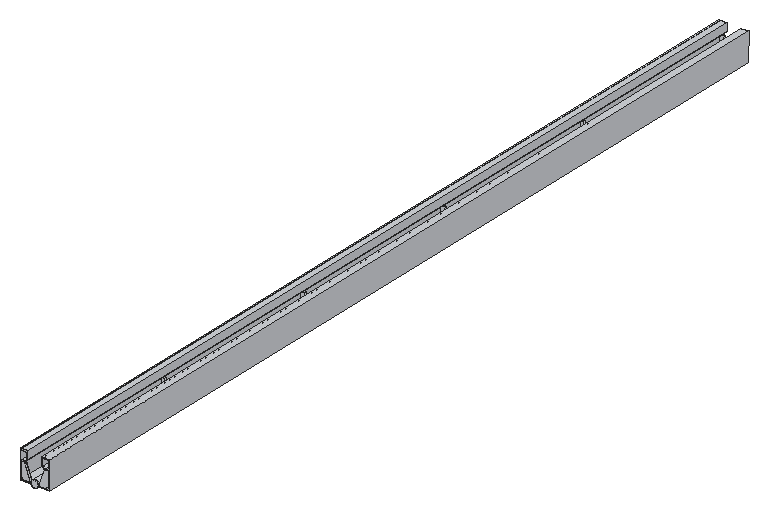
Revit family "LGW_LGW HINGED OUT CORNER 3_1923535", category Generic Models, Revit 2018
Family settings
  Can host rebar = No
  Round Connector Dimension = Use Diameter
  Part Type = Normal
  OmniClass Number = 35.51.14.00
  OmniClass Title = FORMWORK
  Work Plane-Based = Yes
  Always vertical = No
  Cut with Voids When Loaded = No
  Shared = Yes
  Room Calculation Point = No
Parameters
  VERSION = "20190101"  # constant formula
  URL = "www.ulmaconstruction.com/en"
  UNICLASS = ""
  REAL ANGLE [instance] = if(ANGLE < 40.00°, 40.00°, if(ANGLE < 180.00°, ANGLE, 180.00°))  # 180.00°
  ITEM_CODE = "1923535"
  Manufacturer = "ULMA CONSTRUCTION"  # constant formula
  INSERTION PLANE [instance] = if(REAL ANGLE = 180.00°, 0.000 mm, (4.000 mm) / cos(90.00° - REAL ANGLE) + 4.000 mm * tan(90.00° - REAL ANGLE))  # 0.000 mm
  FILTER [instance] = ""
  Default Elevation = 0.000 mm
  CLASSIFICATION_TITLE = ""
  CLASSIFICATION_NUMBER = ""
  ANGLE [instance] = 180.00°
Reference planes
  plane 1 "Centro (Frontal/Posterior)": y = 0
  plane 2: z = 0
  plane 3 "Centro (Izquierda/Derecha)": x = 0
  plane 4 "ITEM_HEIGHT": y = 3000
  plane 5 "CENTER": z = 4
  plane 6 "INSERTION PLANE": x = 0
Lines and regions (mm)
  reference lines
    curve 1: line (0, 0, 4) -> (209.588, 0, 4)
Dimensions and locks
  locked: plane 1 "Centro (Frontal/Posterior)" to plane 4 "ITEM_HEIGHT" at 3000
  locked: plane 5 "CENTER" to plane 2 at 4
  "INSERTION PLANE": plane 3 "Centro (Izquierda/Derecha)" to plane 6 "INSERTION PLANE"
  "REAL ANGLE": angle plane 5 "CENTER" to curve 1
  aligned and locked: level to plane 2
  aligned and locked: plane 3 "Centro (Izquierda/Derecha)" to curve 1
  aligned and locked: plane 5 "CENTER" to curve 1
  aligned and locked: plane 4 "ITEM_HEIGHT" to nested 2
Nested families
  nested 1: "MEDIA ESCUADRA EXT 3000 - 1923553_PANELS" at (0, 0, 0), type "MEDIA ESCUADRA EXT 3000 - 1923553_PANELS"
    with FILTER ""
  nested 2: "MEDIA ESCUADRA EXT 3000 - 1923553_PANELS" at (0, 3000, 0) x (-1, 0, 0) z (0, 0, 1), type "MEDIA ESCUADRA EXT 3000 - 1923553_PANELS"
    with FILTER ""
Definition of nested family "MEDIA ESCUADRA EXT 3000 - 1923553_PANELS"
  Parameters (values of type "MEDIA ESCUADRA EXT 3000 - 1923553_PANELS")
    VERSION = "20190101"  # constant formula
    URL = "www.ulmaconstruction.com/en"
    UNICLASS = ""
    Manufacturer = "ULMA CONSTRUCTION"  # constant formula
    FILTER [instance] = ""
    Default Elevation = 0.000 mm
    CLASSIFICATION_TITLE = ""
    CLASSIFICATION_NUMBER = ""
  Reference planes
    plane 1 "Centro (Frontal/Posterior)": y = 0
    plane 2: z = 0
    plane 3 "Centro (Izquierda/Derecha)": x = 0
  Forms (mm)
    Extrusion 1, solid, detail levels fine
      sketch origin (0, 0, 0) x (1, 0, 0) y (0, 0, 1)
        loop
          line (-47.5, 59) -> (-34, 59) -> (-25, 68) -> (-25, 96.5) -> (-50, 96.5) -> (-50, 0) -> (-12.6, 0) -> (-12.6, 2.5) -> (-47.5, 2.5) -> (-47.5, 59)
        loop
          line (-27.5, 94) -> (-47.5, 94) -> (-47.5, 61.5) -> (-35.036, 61.5) -> (-27.5, 69.036) -> (-27.5, 94)
      from -3000 to 0
    Extrusion 2, solid
      sketch origin (0, 0, 0) x (1, 0, 0) y (0, 0, 1)
        loop
          circle (0, 4) r 12.5
      from -3000 to 0
    Extrusion 3, solid, detail levels fine
      sketch origin (0, 0, 0) x (1, 0, 0) y (0, 0, 1)
        loop
          line (-13.5, 2.5) -> (-35.5, 59) -> (-47.5, 59) -> (-47.5, 12.5) -> (-37.5, 2.5) -> (-13.5, 2.5)
      from -4 to 0
    Extrusion 4, solid, detail levels fine
      sketch origin (0, 575, 0) x (1, 0, 0) y (0, 0, 1)
        loop
          line (-13.5, 2.5) -> (-35.5, 59) -> (-47.5, 59) -> (-47.5, 12.5) -> (-37.5, 2.5) -> (-13.5, 2.5)
      from -27 to -23
    Extrusion 5, solid, detail levels fine
      sketch origin (0, 1175, 0) x (1, 0, 0) y (0, 0, 1)
        loop
          line (-13.5, 2.5) -> (-35.5, 59) -> (-47.5, 59) -> (-47.5, 12.5) -> (-37.5, 2.5) -> (-13.5, 2.5)
      from -27 to -23
    Extrusion 6, solid, detail levels fine
      sketch origin (0, 1775, 0) x (1, 0, 0) y (0, 0, 1)
        loop
          line (-13.5, 2.5) -> (-35.5, 59) -> (-47.5, 59) -> (-47.5, 12.5) -> (-37.5, 2.5) -> (-13.5, 2.5)
      from -27 to -23
    Extrusion 7, solid, detail levels fine
      sketch origin (0, 2380, 0) x (1, 0, 0) y (0, 0, 1)
        loop
          line (-13.5, 2.5) -> (-35.5, 59) -> (-47.5, 59) -> (-47.5, 12.5) -> (-37.5, 2.5) -> (-13.5, 2.5)
      from -22 to -18
    Extrusion 8, solid, detail levels fine
      sketch origin (0, 2960, 0) x (1, 0, 0) y (0, 0, 1)
        loop
          line (-13.5, 2.5) -> (-35.5, 59) -> (-47.5, 59) -> (-47.5, 12.5) -> (-37.5, 2.5) -> (-13.5, 2.5)
      from -40 to -36
    Extrusion 9, solid, detail levels coarse+medium
      sketch origin (0, 0, 0) x (1, 0, 0) y (0, 0, 1)
        loop
          line (-50, 96.5) -> (-50, 0) -> (-12.6, 0) -> (-34, 59) -> (-25, 68) -> (-25, 96.5) -> (-50, 96.5)
      from -3000 to 0
  Lines and regions (mm)
    model lines, detail levels fine
      curve 1: circle (-47.5, 2700, 42) r 10 normal (1, 0, 0)
      curve 2: circle (-47.5, 2200, 42) r 10 normal (1, 0, 0)
      curve 3: circle (-47.5, 1500, 42) r 10 normal (1, 0, 0)
      curve 4: circle (-47.5, 800, 42) r 10 normal (1, 0, 0)
      curve 5: circle (-47.5, 300, 42) r 10 normal (1, 0, 0)
      curve 6: circle (-50, 2700, 42) r 10 normal (1, 0, 0)
      curve 7: circle (-50, 2200, 42) r 10 normal (1, 0, 0)
      curve 8: circle (-50, 1500, 42) r 10 normal (1, 0, 0)
      curve 9: circle (-50, 800, 42) r 10 normal (1, 0, 0)
      curve 10: circle (-50, 300, 42) r 10 normal (1, 0, 0)
  Dimensions and locks
    aligned and locked: level to plane 2
